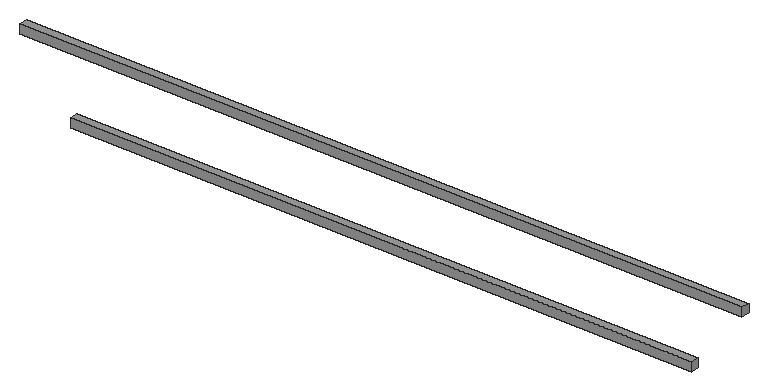
Revit family
Parameters (values of type "(2) 2x4 Chord")
  Chord Depth = 0' - 3 1/2"
  Chord Width = 0' - 3"
  Depth = 2' - 6"
  Length [instance] = 24' - 0"
Types (3): name | Chord Depth | Chord Width | Depth | Length
  (no name) | 0' - 3 1/2" | 0' - 3" | 2' - 6" | 24' - 0"
  2x4 Chord | 0' - 1 1/2" | 0' - 3 1/2" | 2' - 0" | 20' - 0"
  (2) 2x4 Chord | 0' - 3 1/2" | 0' - 3" | 2' - 6" | 24' - 0"
Reference planes (in)
  plane 1 "Axis": y = 0
  plane 2 "Insertion Plane": z = 0
  plane 3 "Center": x = 39.96875
  plane 4 "Left": x = -104.03125
  plane 5 "Right": x = 183.96875
  plane 6: x = -80.03125
  plane 7: x = -56.03125
  plane 8: x = -32.03125
  plane 9: x = -8.03125
  plane 10: x = 15.96875
  plane 11: x = 63.96875
  plane 12: x = 87.96875
  plane 13: x = 111.96875
  plane 14: x = 135.96875
  plane 15: x = 159.96875
  plane 16 "Top or Bottom - CHANGE": z = -30
  plane 17: y = -1.5
  plane 18: y = 1.5
  plane 19: z = -3.5
  plane 20: z = -26.5
  plane 21: x = -84.03125
  plane 22: x = 163.96875
Forms (in)
  Extrusion 1, solid, material "Wood - Dimensional Lumber"
    sketch origin (0, 0, 0) x (0, 1, 0) y (0, 0, 1)
      loop
        line (-1.5, -3.5) -> (1.5, -3.5) -> (1.5, 0) -> (-1.5, 0) -> (-1.5, -3.5)
    from -104.03125 to 183.96875
  Extrusion 2, solid, material "Wood - Dimensional Lumber"
    sketch origin (0, 0, 0) x (0, 1, 0) y (0, 0, 1)
      loop
        line (-1.5, -30) -> (1.5, -30) -> (1.5, -26.5) -> (-1.5, -26.5) -> (-1.5, -30)
    from -84.03125 to 163.96875
Lines and regions (in)
  symbolic lines
    curve 1: line (-100.03125, 0, 0) -> (179.96875, 0, 0)
  model lines, style "Wood Projection"
    curve 2: line (-56.03125, 0, -3.5) -> (-32.03125, 0, -26.5)
  model lines
    curve 3: line (-32.03125, 0, -26.5) -> (-8.03125, 0, -3.5)
    curve 4: line (-8.03125, 0, -3.5) -> (15.96875, 0, -26.5)
    curve 5: line (15.96875, 0, -26.5) -> (39.96875, 0, -3.5)
    curve 6: line (39.96875, 0, -3.5) -> (63.96875, 0, -26.5)
    curve 7: line (63.96875, 0, -26.5) -> (87.96875, 0, -3.5)
    curve 8: line (87.96875, 0, -3.5) -> (111.96875, 0, -26.5)
    curve 9: line (111.96875, 0, -26.5) -> (135.96875, 0, -3.5)
    curve 10: line (135.96875, 0, -3.5) -> (159.96875, 0, -26.5)
    curve 11: line (159.96875, 0, -26.5) -> (171.96875, 0, -3.5)
    curve 12: line (-56.03125, 0, -3.5) -> (-80.03125, 0, -26.5)
    curve 13: line (-80.03125, 0, -26.5) -> (-92.03125, 0, -3.5)
Dimensions and locks (in)
  "Length": plane 4 "Left" to plane 5 "Right"
  equal spacing: plane 4 "Left", plane 6, plane 7, plane 8, plane 9, plane 10, plane 3 "Center", plane 11, plane 12, plane 13, plane 14, plane 15, plane 5 "Right"
  equal spacing: plane 17, plane 1 "Axis", plane 18
  "Chord Width": plane 17 to plane 18
  "Chord Depth": plane 2 "Insertion Plane" to plane 19
  "Chord Depth": plane 16 "Top or Bottom - CHANGE" to plane 20
  plane 21 to plane 6 = 0' - 4"
  plane 15 to plane 22 = 0' - 4"
  equal spacing: plane 15, curve 11, plane 5 "Right"
  "Depth": plane 2 "Insertion Plane" to plane 16 "Top or Bottom - CHANGE"
  equal spacing: plane 4 "Left", curve 13, plane 6
  aligned and locked: plane 1 "Axis" to curve 1
  aligned and locked: curve 1 to plane 1 "Axis"
  aligned and locked: plane 17 to Extrusion 1 sketch curve
  aligned and locked: plane 2 "Insertion Plane" to Extrusion 1 sketch curve
  aligned and locked: plane 16 "Top or Bottom - CHANGE" to Extrusion 2 sketch curve
  aligned and locked: plane 18 to Extrusion 2 sketch curve
  aligned and locked: Extrusion 2 sketch curve to plane 18
  aligned and locked: Extrusion 2 to plane 22
  aligned and locked: plane 21 to Extrusion 2
  aligned and locked: plane 4 "Left" to Extrusion 1
  aligned and locked: Extrusion 1 to plane 5 "Right"
Automatic sketch dimensions
  curve 1 to plane 4 "Left" = 0' - 4"
  plane 5 "Right" to curve 1 = 0' - 4"
  Extrusion 1 sketch curve to plane 18 = 0' - 0"
  Extrusion 1 sketch curve to plane 19 = 0' - 0"
  Extrusion 2 sketch curve to plane 17 = 0' - 0"
  Extrusion 2 sketch curve to plane 20 = 0' - 0"
  curve 13 to plane 19 = 0' - 0"
  curve 13 to plane 6 = 0' - 0"
  curve 2 to plane 7 = 0' - 0"
  curve 3 to plane 8 = 0' - 0"
  curve 3 to plane 9 = 0' - 0"
  curve 4 to plane 10 = 0' - 0"
  curve 5 to plane 3 "Center" = 0' - 0"
  curve 7 to plane 11 = 0' - 0"
  curve 7 to plane 12 = 0' - 0"
  curve 8 to plane 13 = 0' - 0"
  curve 10 to plane 14 = 0' - 0"
  curve 11 to plane 15 = 0' - 0"
  curve 7 to plane 20 = 0' - 0"
  curve 2 to plane 20 = 0' - 0"
  curve 12 to plane 20 = 0' - 0"
  curve 4 to plane 20 = 0' - 0"
  curve 8 to plane 20 = 0' - 0"
  curve 11 to plane 20 = 0' - 0"
  curve 4 to plane 19 = 0' - 0"
  curve 6 to plane 19 = 0' - 0"
  curve 9 to plane 19 = 0' - 0"
  curve 2 to plane 19 = 0' - 0"
  curve 11 to plane 19 = 0' - 0"
  curve 7 to plane 19 = 0' - 0"
